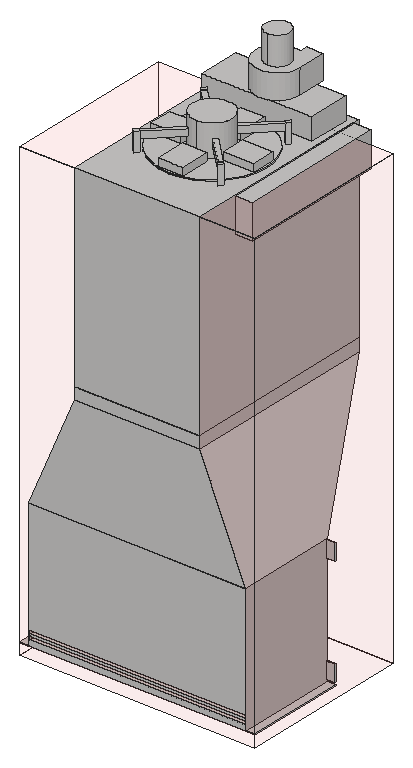
Revit family "Air-Curtain_Industrial_PoweredAire_Gas-Indirect-1Heater", category Mechanical Equipment, host Face, Revit 2025
Family settings
  Host = Face
  Round Connector Dimension = Use Diameter
  Part Type = Normal
  OmniClass Number = 23.75.35.17.21
  OmniClass Title = Air Curtains
  Cut with Voids When Loaded = No
  Maintain Annotation Orientation = No
  Shared = No
  Room Calculation Point = No
Parameters
  topbracket [instance] = Unit Height = 1' 4 3/4"  # yes
  Warranty Duration (Years) = 0
  Unit Width Notes = "Other Widths available."  # constant formula
  Unit Width = 3' - 3"
  Unit Weight = 0
  Unit Height = 1' - 4 3/4"
  Unit Depth = 1' - 9 1/4"
  URL = "http://www.poweredaire.com/"
  Test Data = ""
  Standards Conformance = "as Specified"
  Specification = "http://www.arcat.com/sdspecs/htm04/23_34_33pai.htm"
  SpecWizard = ""
  Sound Pressure = "as Specified"
  Sales Information = "http://www.poweredaire.com/contact_us"
  Revision = "R1_2016-08"
  Projection from Host [instance] = 0' - 2"
  Product Properties = ""
  Product Data = "http://www.arcat.com/arcatcos/cos47/arc47623.html"
  Power Rating = 0 W
  Piping_Operating Pressure [instance] = 0.00 psi
  Pipe OD [instance] = 5/8"
  Overall Depth = 6' - 1 3/4"
  Nozzle Width = if(1 = 1, Unit Width - 0' 3", 0' 0")  # 3' - 0"
  Mounting Width = if(1 = 1, Unit Width - 0' 1 1/2", 0' 0")  # 3' - 1 1/2"
  Mounting Height [instance] = 3' - 6"
  Motor RPM = 0
  Motor HP = 0
  Motor Count = 0
  Model = "As Specified"
  Max Height = 0' - 0"
  Manufacturer Website = "http://www.poweredaire.com/"
  Manufacturer Phone - Toll Free = "888-321-2473"
  Manufacturer Phone = "724-588-3305"
  Manufacturer Fax = "724-588-3371"
  Manufacturer Address = "109 Mortensen Rd.  Greenville, PA 16125"
  Manufacturer = "Powered Aire, Inc"
  Maintenance Schedule (Months) = 0
  Keynote = "23 34 33"
  Installation-Fabrication = ""
  Installation Phase = ""
  Include Clearance [instance] = yes
  Heating Element Load = 0 W
  Heater Weight = 0
  Heater Hanging Width = 1' - 6 5/8"
  Heater Finish [instance] = Metal - Steel - PoweredAire - Stainless 304
  HVAC_Temperature Rise = 0 °F
  HVAC_Primary CFM = 0 CFM
  HVAC_Outlet Volume = 0 CFM
  HVAC_Outlet Velocity Uniformity = 0
  HVAC_Outlet Velocity = 0 FPM
  HVAC_Exit Temperature [instance] = 0 °F
  HVAC_BTU Output = 0.0 Btu/h
  HVAC_BTU Input = 0.0 Btu/h
  Green Building-LEED = "http://www.arcat.com/green/clients/leed_data_47623.html"
  Gas Connection Diameter [instance] = 0"
  Frame Finish [instance] = Metal - Steel - PoweredAire - Stainless 304
  Expected Lifespan (Years) = 0
  Exhaust Connection Diameter = 0' - 5"
  Electrical_Wattage [instance] = Power Rating + Heating Element Load  # 0 W
  Electrical_Voltage [instance] = 0 V
  Electrical_Phase [instance] = 1
  Electrical_Frequency [instance] = 0 Hz
  Electrical_Amperage [instance] = 0 A
  Drawn By = "Sumex Design, Inc. / Robert S. Weygant, CSI, CDT, SCIP"
  Description = "Powered Aire Air Curtain as Specified"
  Default Elevation = 0' - 0"  # constant formula
  Copyright = "©Arcat Inc."
  Construction Details = "http://www.arcat.com/details/powair/prod3336.html"
  Clearance_Top [instance] = 1' - 0"
  Clearance_Side B [instance] = 0' - 0"
  Clearance_Side A [instance] = 0' - 0"
  Clearance_Intake [instance] = 0' - 0"
  Clearance_Bottom [instance] = 0' - 0"
  Clearance Material [instance] = ARCAT Clearance
  Building Codes = ""
  Available Options [instance] = "as Specified"
  Assembly Code = "D3090400"
Reference planes (in)
  plane 1 "Center (Elevation)": y = 0.13818
  plane 2: z = 0
  plane 3 "Center (Left/Right)": x = 0
  plane 4 "Top": y = 8.51318
  plane 5: y = -8.23682
  plane 6: x = -19.5
  plane 7: x = 19.5
  plane 8 "Front": z = 23.25
  plane 9 "FF": y = -41.86182
  plane 10: z = 2
  plane 11: x = 18
  plane 12: x = -18
  plane 13: y = 20.51318
  plane 14: y = -8.23682
  plane 15: x = -19.5
  plane 16: x = 19.5
  plane 17: z = 75.75
  plane 18: x = 17.9375
  plane 19: x = -17.9375
  plane 20: x = 18
  plane 21: x = 18
  plane 22: y = 6.01318
  plane 23: y = -5.73682
  plane 24: x = -9.3125
  plane 25: x = 9.3125
  plane 26: x = -10.375
  plane 27: x = 10.375
  plane 28: z = 75.75
  plane 29: z = 43.25
  plane 30: z = 41.25
Forms (in)
  Extrusion 1, solid, material "Metal - Steel - PoweredAire - Stainless 304" <- "Frame Finish"
    sketch origin (0, 0, 0) x (0, 1, 0) y (0, 0, 1)
      loop
        line (-8.23682, 2) -> (8.51318, 2) -> (8.51318, 23.25) -> (-8.23682, 23.25) -> (-8.23682, 2)
    from -18 to 18
  Extrusion 2, solid, material "ARCAT Clearance" <- "Clearance Material", visible <- "Include Clearance"
    sketch origin (0, 0, 0) x (0, 1, 0) y (0, 0, 1)
      loop
        line (-8.23682, 75.75) -> (-8.23682, 0) -> (20.51318, 0) -> (20.51318, 75.75) -> (-8.23682, 75.75)
    from -19.5 to 19.5
  Extrusion 3, solid, material "Metal - Steel - PoweredAire - Stainless 304" <- "Frame Finish"
    sketch origin (-15.17702, -180, 2) x (-1, 0, 0) y (0, -1, 0)
      loop
        line (-33.17702, -188.51318) -> (-33.17702, -171.76318) -> (-34.67702, -171.76318) -> (-34.67702, -188.51318) -> (-33.17702, -188.51318)
      loop
        line (2.82298, -188.51318) -> (4.32298, -188.51318) -> (4.32298, -171.76318) -> (2.82298, -171.76318) -> (2.82298, -188.51318)
    from 0 to 0.125
  Extrusion 4, solid, material "Metal - Steel - PoweredAire - Stainless 304" <- "Frame Finish", visible <- "topbracket"
    sketch origin (-11.83813, 8.51318, 48) x (-1, 0, 0) y (0, 0, 1)
      loop
        line (-29.83813, -45.5) -> (-29.83813, -42.75) -> (-31.33813, -42.75) -> (-31.33813, -45.5) -> (-29.83813, -45.5)
      loop
        line (-29.83813, -27.5) -> (-29.83813, -24.75) -> (-31.33813, -24.75) -> (-31.33813, -27.5) -> (-29.83813, -27.5)
      loop
        line (6.16187, -45.5) -> (7.66187, -45.5) -> (7.66187, -42.75) -> (6.16187, -42.75) -> (6.16187, -45.5)
      loop
        line (6.16187, -27.5) -> (7.66187, -27.5) -> (7.66187, -24.75) -> (6.16187, -24.75) -> (6.16187, -27.5)
    from 0 to -0.125
  Extrusion 5, void
    sketch origin (0, 0, 0) x (0, 1, 0) y (0, 0, 1)
      loop
        line (-8.23682, 3) -> (-7.23682, 3) -> (-7.23682, 4.5) -> (-8.23682, 4.5) -> (-8.23682, 3.82425) -> (-7.38364, 3.82425) -> (-7.38364, 3.57425) -> (-8.23682, 3.57425) -> (-8.23682, 3)
    from -17.9375 to 17.9375
  Blend 6, solid, material "Metal - Steel - PoweredAire - Stainless 304" <- "Frame Finish"
    base sketch origin (-15.17702, -180, 23.25) x (-1, 0, 0) y (0, -1, 0)
      loop
        line (2.82298, -188.51318) -> (2.82298, -171.76318) -> (-33.17702, -171.76318) -> (-33.17702, -188.51318) -> (2.82298, -188.51318)
    top sketch origin (-15.17702, -180, 23.25) x (-1, 0, 0) y (0, -1, 0)
      loop
        line (-4.80202, -171.76318) -> (-25.55202, -171.76318) -> (-25.55202, -204.76318) -> (-4.80202, -204.76318) -> (-4.80202, -171.76318)
    from 0 to 18
Cuts and joins
  Extrusion 5 cuts Extrusion 1
Dimensions and locks (in)
  equal spacing: plane 4 "Top", plane 1 "Center (Elevation)", plane 5
  "Unit Height": plane 4 "Top" to plane 5
  equal spacing: plane 6, plane 3 "Center (Left/Right)", plane 7
  "Unit Width": plane 6 to plane 7
  "Mounting Height": plane 1 "Center (Elevation)" to plane 9 "FF"
  "Projection from Host": plane 10 to level
  "Unit Depth": plane 8 "Front" to plane 10
  locked: plane 6 to plane 12 at 1.5
  locked: plane 11 to plane 7 at 1.5
  "Clearance_Side A": plane 7 to plane 16
  "Clearance_Side B": plane 15 to plane 6
  "Clearance_Top": plane 13 to plane 4 "Top"
  "Clearance_Bottom": plane 5 to plane 14
  "Clearance_Intake": plane 17 to plane 28
  Extrusion 5 sketch curve to Extrusion 5 sketch curve to Extrusion 5 sketch curve to Extrusion 5 sketch curve to plane 10 = 0' - 0.67575" locked, 0' - 0 1/4" locked, 0' - 0.57425" locked, 0' - 1" locked
  plane 5 to Extrusion 5 sketch curve to Extrusion 5 sketch curve = 0' - 0.85319" locked, 0' - 0.14681" locked
  locked: plane 19 to plane 12 at 0.0625
  locked: plane 11 to plane 18 at 0.0625
  locked: plane 20 to plane 11
  locked: plane 21 to plane 11
  locked: plane 4 "Top" to plane 22 at 2.5
  locked: plane 23 to plane 5 at 2.5
  equal spacing: plane 24, plane 3 "Center (Left/Right)", plane 25
  "Heater Hanging Width": plane 24 to plane 25
  locked: plane 25 to plane 27 at 1.0625
  locked: plane 26 to plane 24 at 1.0625
  "Overall Depth": plane 28 to plane 10
  locked: plane 29 to plane 30 at 2
  locked: plane 28 to plane 29 at 32.5
  locked: Blend 6 sketch curve to plane 5 at 33
  Extrusion 4 sketch curve to Extrusion 4 sketch curve to plane 10 = 0' - 2 3/4" locked, 0' - 0 1/2" locked  (x2)
  plane 8 "Front" to Extrusion 4 sketch curve to Extrusion 4 sketch curve = 0' - 0" locked, 0' - 2 3/4" locked  (x2)
  aligned and locked: plane 2 to host face
  aligned and locked: level to host face
  aligned and locked: Extrusion 2 sketch curve to plane 17
  aligned and locked: plane 14 to Extrusion 2 sketch curve
  aligned and locked: level to Extrusion 2 sketch curve
  aligned and locked: Extrusion 2 sketch curve to plane 13
  aligned and locked: plane 16 to Extrusion 2
  aligned and locked: Extrusion 2 to plane 15
  aligned and locked: plane 11 to Extrusion 1
  aligned and locked: Extrusion 1 to plane 12
  aligned and locked: Extrusion 1 sketch curve to plane 8 "Front"
  aligned and locked: plane 28 to nested 1
  aligned and locked: Blend 6 sketch curve to plane 5  (x2)
  aligned and locked: plane 12 to Blend 6 sketch curve
  aligned and locked: Blend 6 sketch curve to plane 11
  aligned and locked: Blend 6 sketch curve to plane 4 "Top"
  aligned and locked: Blend 6 sketch curve to plane 26
  aligned and locked: plane 27 to Blend 6 sketch curve
  aligned and locked: plane 30 to Blend 6
  aligned and locked: plane 3 "Center (Left/Right)" to nested 1
  aligned and locked: plane 18 to cut or joined group of Extrusion 1, Extrusion 5
  aligned and locked: cut or joined group of Extrusion 1, Extrusion 5 to plane 19
Automatic sketch dimensions
  host sketch curve to host sketch curve = 8' - 0"  (x2)
  plane 4 "Top" to Extrusion 3 sketch curve = 0' - 0"
  Extrusion 3 sketch curve to plane 7 = 0' - 0"
  plane 5 to Extrusion 3 sketch curve = 0' - 0"
  Extrusion 3 sketch curve to plane 11 = 0' - 0"
  Extrusion 3 sketch curve to plane 4 "Top" = 0' - 0"
  Extrusion 3 sketch curve to plane 12 = 0' - 0"
  Extrusion 3 sketch curve to plane 6 = 0' - 0"
  Extrusion 3 sketch curve to plane 5 = 0' - 0"
  Extrusion 4 sketch curve to plane 7 = 0' - 0"  (x2)
  Extrusion 4 sketch curve to plane 11 = 0' - 0"  (x2)
  Extrusion 4 sketch curve to plane 12 = 0' - 0"  (x2)
  Extrusion 4 sketch curve to plane 6 = 0' - 0"  (x2)
  Extrusion 5 sketch curve to plane 5 = 0' - 0"  (x2)
  Extrusion 1 sketch curve to plane 5 = 0' - 0"
  Extrusion 1 sketch curve to plane 4 "Top" = 0' - 0"
  Extrusion 1 sketch curve to plane 10 = 0' - 0"
Nested families (in)
  nested 1: "Heater" at (0, -8.23682, 43.2987) x (1, 0, 0) z (0, 1, 0), finish <- "Heater Finish", burner width <- "Heater Hanging Width", type "Heater"
    with finish Metal - Steel - PoweredAire - Stainless 304, burner width 1' - 6 5/8", Two Fan no, One Fan yes
Connectors (in)
  electrical at (-18, 0.13818, 12.625), driven by "Electrical_Voltage", driven by "Electrical_Phase"
    settings: on cut or joined group of Extrusion 1, Extrusion 5, index 3, voltage 0 V, apparent load 0 VA, apparent load phase1 0 VA, apparent load phase2 0 VA, apparent load phase3 0 VA, power factor 1, load classification "Motor", number of poles 1, system type 31, power factor state 1, is connector primary yes, connector utility no, sub classification motor no, connector description ""
  hvac at (3, 24.76318, 81.40625), driven by "Exhaust Connection Diameter", driven by "HVAC_Primary CFM"
    settings: on nested 1, index 4, duct flow 0 CFM, flow factor 0, pres drop 0.00 in-wg, loss coef 0, conn angle 0.00°, conn width 12", conn height 12", conn diameter 5", duct sys type 3, conn prof type 0, flow config 0, flow direction 2, loss method 0, conn ref index -1, conn util no, is conn primary yes, conn desc ""
Definition of nested family "Heater"
  Parameters
    finish [instance] = none
    burner width [instance] = 4' - 0 5/8"
    burner depth = 3' - 8 3/4"
    Two Fan [instance] = burner width > 4' 0"  # yes
    One Fan [instance] = burner width < 4' 0"  # no
    Default Elevation = 0' - 0"  # constant formula
  Reference planes (in)
    plane 1 "Center (Front/Back)": y = 0
    plane 2: z = 0
    plane 3 "Center (Left/Right)": x = 0
    plane 4: x = -25.375
    plane 5: x = 25.375
    plane 6: z = 33
    plane 7: y = -44.75
    plane 8: x = 3
    plane 9: x = 4.375
    plane 10: x = -12.6875
    plane 11: x = 12.6875
    plane 12: z = 15.5
    plane 13: x = -24.3125
    plane 14: x = 24.3125
  Forms (in)
    Extrusion 1, solid, material <- "finish"
      sketch origin (-74.94554, -3, 38.65968) x (0, 0, 1) y (1, 0, 0)
        loop
          line (-5.65968, 49.57054) -> (-5.65968, 100.32054) -> (-38.65968, 100.32054) -> (-38.65968, 49.57054) -> (-5.65968, 49.57054)
      from 3 to -29.4513
    Extrusion 2, solid, material <- "finish"
      sketch origin (0, 0, 0) x (0, 1, 0) y (0, 0, 1)
        loop
          line (2, 0) -> (2, 33) -> (0, 33) -> (0, 0) -> (2, 0)
      from -25.375 to 25.375
    Extrusion 3, solid, material <- "finish"
      sketch origin (-74.94554, -32.4513, 38.65968) x (0, 0, 1) y (1, 0, 0)
        loop
          line (-6.91591, 50.82971) -> (-6.91591, 99.10844) -> (-13.91591, 99.10844) -> (-13.91591, 50.82971) -> (-6.91591, 50.82971)
      from 0 to -3.625
    Extrusion 4, solid, material <- "finish"
      sketch origin (-74.94554, -36.0763, 38.65968) x (0, 0, 1) y (1, 0, 0)
        loop
          arc (-10.4052, 79.32054) -> (-12.67312, 72.60509) -> (-6.79809, 76.57054) r 3.74068
          line (-6.79809, 76.57054) -> (-5.65968, 76.57054) -> (-5.65968, 79.32054) -> (-10.4052, 79.32054)
      from 0 to -4.0625
    Extrusion 5, solid, material <- "finish"
      sketch origin (-73.58006, -40.1388, 35.52564) x (0, 0, -1) y (1, 0, 0)
        loop
          circle (7.27116, 74.21438) r 2
      from 4.6112 to 0
    Extrusion 6, solid, material <- "finish"
      sketch origin (0, 0, 0) x (1, 0, 0) y (0, 1, 0)
        loop
          line (28.3125, -32.4513) -> (28.3125, -26.7013) -> (25.3125, -26.7013) -> (25.3125, -32.4513) -> (28.3125, -32.4513)
      from 7.25 to 31.75
    Extrusion 7, solid, material <- "finish", visible <- "Two Fan"
      sketch origin (0, 0, 0) x (0, 1, 0) y (0, 0, 1)
        loop
          line (-32.4513, 6.22268) -> (-44.15658, 5.1986) -> (-44.15658, 4.4486) -> (-32.4513, 4.85736) -> (-32.4513, 6.22268)
      from -25.375 to 25.375
  Dimensions and locks (in)
    locked: Extrusion 4 sketch curve to Extrusion 4 sketch curve at 2.75
    "burner width": plane 13 to plane 14
    locked: plane 6 to level at 33
    "burner depth": plane 7 to plane 1 "Center (Front/Back)"
    locked: plane 8 to plane 9 at 1.375
    Extrusion 4 sketch curve to Extrusion 4 sketch curve to plane 8 = 0' - 0.99068" locked, 0' - 1 3/8" locked
    locked: Extrusion 5 sketch curve to plane 8 at 2.36568
    locked: plane 8 to plane 3 "Center (Left/Right)" at 3
    Extrusion 6 sketch curve to plane 5 to Extrusion 6 sketch curve = 0' - 0 1/16" locked, 0' - 2 15/16" locked
    equal spacing: plane 5, plane 11, plane 3 "Center (Left/Right)", plane 10, plane 4
    locked: plane 4 to plane 13 at 1.0625
    locked: plane 14 to plane 5 at 1.0625
    aligned and locked: plane 2 to level
    aligned: Extrusion 4 to Extrusion 5
    aligned: Extrusion 3 to Extrusion 2  (x2)
    aligned and locked: plane 7 to Extrusion 5
    aligned and locked: plane 4 to Extrusion 1 sketch curve
    aligned and locked: Extrusion 1 sketch curve to plane 5
    aligned and locked: Extrusion 7 to plane 4
    aligned and locked: plane 5 to Extrusion 7
    aligned and locked: plane 12 to nested 1
    aligned and locked: plane 3 "Center (Left/Right)" to nested 1
    aligned and locked: plane 12 to nested 3
    aligned and locked: plane 11 to nested 3
    aligned and locked: plane 10 to nested 2
    aligned and locked: plane 12 to nested 2
    aligned and locked: plane 5 to Extrusion 2
    aligned and locked: Extrusion 2 to plane 4
  Automatic sketch dimensions
    Extrusion 1 to Extrusion 3 sketch curve = 0' - 1.25917"
    Extrusion 1 to Extrusion 3 sketch curve = 0' - 8.25624"
    Extrusion 1 to Extrusion 3 sketch curve = 0' - 1.2121"
    Extrusion 1 to Extrusion 3 sketch curve = 0' - 1.25624"
    Extrusion 4 sketch curve to Extrusion 3 = 0' - 0.11782"
    Extrusion 4 sketch curve to Extrusion 3 = 0' - 1.25624"
    Extrusion 5 sketch curve to Extrusion 4 = 0' - 4.74552"
    Extrusion 1 sketch curve to level = 0' - 0"
    Extrusion 1 sketch curve to plane 6 = 0' - 0"
    Extrusion 2 sketch curve to level = 0' - 0"
    Extrusion 2 sketch curve to plane 1 "Center (Front/Back)" = 0' - 0"
    Extrusion 2 sketch curve to plane 6 = 0' - 0"
    Extrusion 2 sketch curve to Extrusion 2 sketch curve = 0' - 2"
    Extrusion 6 sketch curve to plane 7 = 1' - 0.2987"
    Extrusion 6 sketch curve to Extrusion 6 sketch curve = 0' - 5 3/4"
    Extrusion 7 sketch curve to plane 7 = 0' - 0.59342"
    level to Extrusion 7 sketch curve = 0' - 4.4486"
    Extrusion 7 sketch curve to Extrusion 7 sketch curve = 0' - 0 3/4"
    level to Extrusion 7 sketch curve = 0' - 4.85736"
    Extrusion 7 sketch curve to Extrusion 7 sketch curve = 0' - 11.70529"
    Extrusion 7 sketch curve to Extrusion 7 sketch curve = 0' - 1.36532"
    radius of Extrusion 5 sketch curve = 0' - 2"
  Nested families (in)
    nested 1: "FanControls" at (0, -32.4513, 15.5) x (1, 0, 0) z (0, -1, 0), finish <- "finish", visible <- "One Fan", type "FanControls"
      with finish none
    nested 2: "FanControls" at (-12.6875, -32.4513, 15.5) x (1, 0, 0) z (0, -1, 0), finish <- "finish", visible <- "Two Fan", type "FanControls"
      with finish none
    nested 3: "FanControls" at (12.6875, -32.4513, 15.5) x (1, 0, 0) z (0, -1, 0), finish <- "finish", visible <- "Two Fan", type "FanControls"
      with finish none
  Definition of nested family "FanControls"
    Parameters
      finish [instance] = none
      Default Elevation = 4' - 0"
    Reference planes (in)
      plane 1 "Center (Front/Back)": y = 0
      plane 2: z = 0
      plane 3 "Center (Left/Right)": x = 0
    Forms (in)
      Extrusion 1, solid, material <- "finish"
        sketch origin (-75.00804, 32.07233, 0) x (1, 0, 0) y (0, -1, 0)
          loop
            circle (75.00804, 32.07233) r 3.25
        from -5.33075 to 0
      Extrusion 2, solid, material <- "finish"
        sketch origin (24.44581, -78.06044, 0) x (1, 0, 0) y (0, -1, 0)
          loop
            line (-22.50831, -86.58776) -> (-22.50831, -81.58776) -> (-26.50831, -81.58776) -> (-26.50831, -86.58776) -> (-22.50831, -86.58776)
          loop
            line (-22.50831, -69.53312) -> (-26.50831, -69.53312) -> (-26.50831, -74.53312) -> (-22.50831, -74.53312) -> (-22.50831, -69.53312)
          loop
            line (-15.98099, -76.06044) -> (-20.98099, -76.06044) -> (-20.98099, -80.06044) -> (-15.98099, -80.06044) -> (-15.98099, -76.06044)
          loop
            line (-33.03563, -76.06044) -> (-33.03563, -80.06044) -> (-28.03563, -80.06044) -> (-28.03563, -76.06044) -> (-33.03563, -76.06044)
        from 0 to -1.37288
      Extrusion 3, solid, material <- "finish"
        sketch origin (-75.00804, 21.40968, 0) x (1, 0, 0) y (0, -1, 0)
          loop
            line (68.02536, 14.95733) -> (68.55569, 14.427) -> (75.00804, 20.87935) -> (81.46039, 14.427) -> (81.99072, 14.95733) -> (75.53837, 21.40968) -> (81.99072, 27.86203) -> (81.46039, 28.39236) -> (75.00804, 21.94001) -> (68.55569, 28.39236) -> (68.02536, 27.86203) -> (74.47771, 21.40968) -> (68.02536, 14.95733)
        from -3.1123 to -2
      Extrusion 4, solid, material <- "finish"
        sketch origin (-75.00804, 21.40968, 0) x (1, 0, 0) y (0, -1, 0)
          loop
            line (68.02536, 13.89667) -> (68.55569, 14.427) -> (68.02536, 14.95733) -> (67.49503, 14.427) -> (68.02536, 13.89667)
          loop
            line (82.52105, 14.427) -> (81.99072, 14.95733) -> (81.46039, 14.427) -> (81.99072, 13.89667) -> (82.52105, 14.427)
          loop
            line (81.99072, 28.92269) -> (81.46039, 28.39236) -> (81.99072, 27.86203) -> (82.52105, 28.39236) -> (81.99072, 28.92269)
          loop
            line (67.49503, 28.39236) -> (68.02536, 27.86203) -> (68.55569, 28.39236) -> (68.02536, 28.92269) -> (67.49503, 28.39236)
        from 0 to -3.1123
      Extrusion 5, solid, material <- "finish"
        sketch origin (0, 0, 0) x (1, 0, 0) y (0, 1, 0)
          loop
            circle (0, 0) r 9
        from 0 to 0.14961
    Dimensions and locks (in)
      Extrusion 4 sketch curve to Extrusion 4 sketch curve to Extrusion 4 sketch curve to Extrusion 4 sketch curve = 0' - 0.53033" locked, 0' - 0" locked, 0' - 0.53033" locked  (x4)
      Extrusion 3 sketch curve to Extrusion 3 sketch curve to Extrusion 3 sketch curve to Extrusion 3 sketch curve to Extrusion 3 sketch curve = 0' - 5.92202" locked, 0' - 0" locked, 0' - 0.53033" locked, 0' - 0" locked
      Extrusion 3 sketch curve to Extrusion 3 sketch curve to Extrusion 3 sketch curve to Extrusion 3 sketch curve to Extrusion 3 sketch curve = 0' - 0" locked, 0' - 0.53033" locked, 0' - 0" locked, 0' - 5.92202" locked
      locked: Extrusion 2 sketch curve to Extrusion 2 sketch curve at 5  (x2)
      aligned and locked: plane 2 to level
